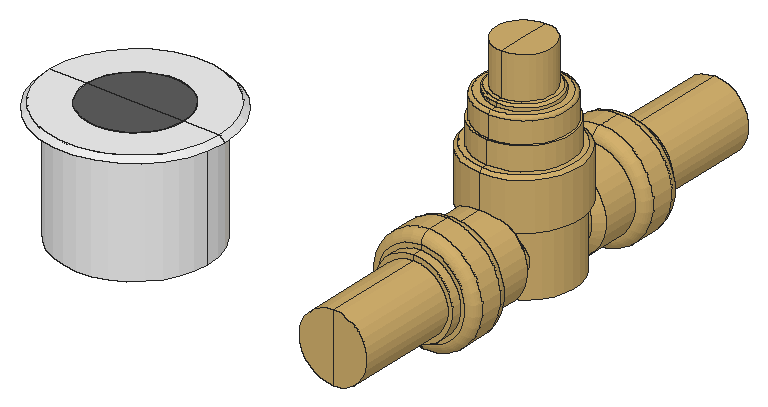
Revit family "PRD_FrankeWS_WshbsnMnlWtrSpplSts_F5EWashbasinFittinggForConcealedMounting_F5EV1013", category Plumbing Fixtures, host Face, Revit 2018
Family settings
  Host = Face
  Round Connector Dimension = Use Diameter
  Part Type = Normal
  OmniClass Number = 23.45.05.14.99
  OmniClass Title = Other Sanitary Washing Plumbing Fixtures
  Cut with Voids When Loaded = Yes
  Shared = No
  Room Calculation Point = No
Parameters (values of type "F5EV1013")
  WarrantyStartDate [instance] = "1900-12-31T23:59:59"
  WarrantyGuarantorParts = "n/a"
  WarrantyGuarantorLabor = "n/a"
  WarrantyDurationUnit = "year"
  WarrantyDurationParts = "n/a"
  WarrantyDurationLabor = "n/a"
  WarrantyDescription = "n/a"
  Voltage = 12 V
  ValveVerticalOffset [instance] = 150 mm
  ValveOffsetFromWall [instance] = 100 mm
  ValveMaterial = PRD_AR_ChromatedBrass_HighPolished
  TypeOfTap = "In-wall tap"
  TypeOfSensor = "Opto-electronic sensor"
  TypeOfFlushingFitting = "n/a"
  TailorMade = "No"
  Status = "New"
  Reference = "n/a"
  ProductCode = "208.0630.462"
  Version = "1"
  Uniclass2015Version = "Products v1.17"
  Uniclass2015Title = "Washbasin manual water supply sets"
  Uniclass2015Code = "Pr_40_20_87_96"
  URL = "www.kwc.com"
  TypeOfOperation = "Sensor operation"
  TypeOfMounting = "Concealed mounting"
  TypeOfMixing = "No mixing"
  ThermalDisinfection = "No"
  TagNumber [instance] = "n/a"
  SustainabilityPerformance = "n/a"
  SoundInsulation = "No"
  Size = "n/a"
  Shape = "n/a"
  SerialNumber [instance] = "n/a"
  Revision = "n/a"
  ReplacementCost = "n/a"
  ProtectiveShutdown = "Yes"
  ProductInformation = "https://pim.kwc.com/product/2030062315/attachment/datasheet?locale=en"
  PowerSupplyConnection = "6,75 / 12 V DC / A3000 open"
  PowerFactor = 1
  NominalWidth = 0 mm
  NominalLength = 0 mm
  NominalHeight = 0 mm
  NominalDepth = 0 mm
  NetWeight = 0.30 kg
  Name = "F5E Washbasin fitting for concealed mounting F5EV1013"
  NBSTypeID = "n/a"
  NBSReference = "45-35-70/371"
  NBSOfficeMasterTag = "n/a"
  NBSNote = "n/a"
  NBSDescription = "Water supply fittings for wash basins and troughs"
  NBSCertification = "n/a"
  ModelReference = "F5EV1013"
  ModelNumber = "2030062315"
  Model = ModelReference  # "F5EV1013"
  MinimumFlushingFlow = "n/a"
  MinimumFlushWaterVolume = "n/a"
  MinimumFlowPressure = "1.00 bar"
  MaximumFlushingFlow = "n/a"
  MaximumFlushWaterVolume = "n/a"
  MaximumFlowPressure = "n/a"
  MaterialFitting = "Synthetic"
  Material = "Brass"
  ManufacturerURL = "www.kwc.com"
  ManufacturerName = "KWC Group AG"  # constant formula
  Manufacturer = ManufacturerName  # "KWC Group AG"
  IntegralAccessories = "Battery compartment including battery or power supply unit with extension cable must be ordered separately."
  InstallationDate [instance] = "1900-12-31T23:59:59"
  InletSize = "DN 15"
  IfcExportType = "USERDEFINED"
  IfcExportAs = "IfcSanitaryTerminalType"
  HygieneFlushing = "Yes"
  GrossWeight = 0.32 kg
  Grade = "n/a"
  FunctionalPrinciple = "Electronic self-closing"
  Finish = "Polished chrome"
  Features = "Opto-electronic control, activation on hand reflection. For connection to pre-mixed hot water or cold water."
  ExpectedLife = "n/a"
  DurationUnit = "year"
  DiameterNominal = 15.000 mm
  Description = "F5E Washbasin fitting DN 15 for concealed mounting. Opto-electronic control, activation on hand reflection. For connection to pre-mixed hot water or cold water. With round sensor (diameter 55 mm), with integrated control electronics and deactivation of cleaning, high-polished chrome-plated brass, to be screwed in from rear, with anti-twist protection, solenoid valve with screw fixings G 1/2 B, extension cable for solenoid valve and connection cable for power supply, each 5 m long. Activated water hygiene flushing 24 hours after last activation and saving of statistical data. With option for parameterization and communication via optional, bidirectional remote control. Optional battery operation with 6 V lithium battery (CR-P2) per fitting or separate power supply via power supply unit 6.75 V/12 V DC or AQUA 3000 open system accessories. Battery compartment including battery or power supply unit with extension cable must be ordered separately."
  Depressurised = "No"
  DefaultAutomaticHygieneFlushing = "24h after the last activity"
  Default Elevation = 850 mm
  CreatedOn = "08/2021"  # constant formula
  Constituents = "n/a"
  Color = "n/a"
  CodePerformance = "n/a"
  Category = "Pr_40_20_87_96, Washbasin manual water supply sets"
  BarCode [instance] = "n/a"
  BIMObjectName = "PRD_AR_WashbasinManualWaterSupplySets_F5EWashbasinFittinggForConcealedMounting_F5EV1013"
  Author = "Archispace"  # constant formula
  AssetType = "Fixed"
  AssetIdentifier [instance] = "n/a"
  ApparentLoad = 0 VA
  AccessibilityPerformance = "n/a"
Reference planes
  plane 1 "Center (Front/Back)": y = 0
  plane 2: z = 0
  plane 3 "Center (Left/Right)": x = 0
  plane 4: z = -100
  plane 5: y = 150
Forms (mm)
  Revolve 1, solid, material "PRD_AR_ChromatedBrass_HighPolished" <- "ValveMaterial", detail levels fine
    sketch origin (0, 0, 0) x (1, 0, 0) y (0, 0, 1)
      loop
        line (-26.2, 1.5) -> (-27.7, 0) -> (-22.5, 0) -> (-22.5, -35.5) -> (0, -35.5) -> (0, 0.2) -> (-15, 0.2) -> (-15, 1.5) -> (-26.2, 1.5)
      axis (0, 1.5) -> (0, -35.5)
    angle from 0 to 360
  Revolve 2, solid, material "PRD_AR_Black", detail levels fine
    sketch origin (0, 0, 0) x (1, 0, 0) y (0, 0, 1)
      loop
        line (-15, 1.5) -> (-15, 0.2) -> (0, 0.2) -> (0, 1.5) -> (-15, 1.5)
      axis (0, 1.5) -> (0, 0.2)
    angle from 0 to 360
  Extrusion 3, void
    sketch origin (0, 104.123, 50) x (0, 1, 0) y (-1, 0, 0)
      loop
        circle (-104.123, 0) r 22.5
    from -85.5 to -50
  Revolve 4, solid, material "PRD_AR_ChromatedBrass_HighPolished" <- "ValveMaterial", detail levels coarse+medium
    sketch origin (0, 0, 0) x (1, 0, 0) y (0, 0, 1)
      loop
        line (-27.7, 1.5) -> (-27.7, 0) -> (-22.5, 0) -> (-22.5, -35.5) -> (0, -35.5) -> (0, 1.5) -> (-27.7, 1.5)
      axis (0, 1.5) -> (0, -35.5)
    angle from 0 to 360
  Revolve 5, void
    sketch origin (0, 0, 0) x (0, 1, 0) y (0, 0, 1)
      loop
        line (167, -46.451) -> (150, -46.451) -> (150, -110.531) -> (167, -110.531) -> (167, -46.451)
      axis (150, -46.451) -> (150, -110.531)
    angle from 0 to 360
  Revolve 6, void
    sketch origin (0, 0, 0) x (0, 1, 0) y (0, 0, 1)
      loop
        line (223.5, -100) -> (223.5, -83.5) -> (76.5, -83.5) -> (76.5, -100) -> (223.5, -100)
      axis (223.5, -100) -> (76.5, -100)
    angle from 0 to 360
Dimensions and locks
  "ValveOffsetFromWall": level to plane 4
  "ValveVerticalOffset": plane 1 "Center (Front/Back)" to plane 5
  locked: Revolve 5 sketch curve to plane 5 at 17
  locked: plane 4 to Revolve 5 sketch curve at 10.531
  locked: Revolve 5 sketch curve to plane 4 at 53.549
  locked: Revolve 6 sketch curve to plane 4 at 16.5
  locked: plane 5 to Revolve 6 sketch curve at 73.5
  locked: Revolve 6 sketch curve to plane 5 at 73.5
  aligned and locked: plane 2 to host face
  aligned and locked: level to host face
  aligned and locked: plane 3 "Center (Left/Right)" to nested 1
  aligned and locked: plane 4 to nested 1
  aligned and locked: nested 1 to plane 5
  aligned and locked: Revolve 5 sketch curve to plane 5
  aligned and locked: plane 5 to Revolve 5 sketch curve
  aligned and locked: Revolve 6 sketch curve to plane 4  (x2)
Automatic sketch dimensions
  host sketch curve to host sketch curve = 567.626 mm
  host sketch curve to host sketch curve = 520.913 mm
  Revolve 1 sketch curve to level = 0 mm
  Revolve 1 sketch curve to plane 3 "Center (Left/Right)" = 0 mm  (x2)
  level to Revolve 1 sketch curve = 1.5 mm
  Revolve 1 sketch curve to plane 3 "Center (Left/Right)" = 15 mm
  Revolve 1 sketch curve to Revolve 1 sketch curve = 7.5 mm
  Revolve 1 sketch curve to Revolve 1 sketch curve = 3.7 mm
  Revolve 1 sketch curve to Revolve 1 sketch curve = 1.5 mm
  Revolve 1 sketch curve to level = 35.5 mm
  level to Revolve 1 sketch curve = 0.2 mm
  Revolve 1 sketch curve to Revolve 1 sketch curve = 9.459 mm
  Revolve 1 sketch curve to Revolve 1 sketch curve = 6.841 mm
  Revolve 2 sketch curve to plane 3 "Center (Left/Right)" = 0 mm  (x2)
  level to Revolve 2 sketch curve = 1.5 mm
  Revolve 2 sketch curve to Revolve 2 sketch curve = 15 mm
  level to Revolve 2 sketch curve = 0.2 mm
  Revolve 2 sketch curve to Revolve 2 sketch curve = 2.158 mm
  Revolve 2 sketch curve to Revolve 2 sketch curve = 1.828 mm
  plane 1 "Center (Front/Back)" to Extrusion 3 sketch curve = 0 mm
  Extrusion 3 sketch curve to plane 3 "Center (Left/Right)" = 0 mm
  Revolve 4 sketch curve to level = 0 mm
  Revolve 4 sketch curve to plane 3 "Center (Left/Right)" = 0 mm  (x2)
  Revolve 4 sketch curve to plane 3 "Center (Left/Right)" = 22.5 mm
  level to Revolve 4 sketch curve = 1.5 mm
  Revolve 4 sketch curve to Revolve 4 sketch curve = 5.2 mm
  Revolve 4 sketch curve to level = 35.5 mm
  Revolve 4 sketch curve to Revolve 4 sketch curve = 8.159 mm
  Revolve 4 sketch curve to Revolve 4 sketch curve = 6.841 mm
  Revolve 5 sketch curve to Revolve 5 sketch curve = 23.766 mm
  Revolve 5 sketch curve to Revolve 5 sketch curve = 20 mm
  Revolve 6 sketch curve to Revolve 6 sketch curve = 10 mm
  Revolve 6 sketch curve to plane 1 "Center (Front/Back)" = 6.5 mm
  radius of Extrusion 3 sketch curve = 22.5 mm
Nested families
  nested 1: "Valve" at (0, 150, -100), type "Valve"
Connectors
  piping at (0, 223.5, -100), diameter 15, driven by "DiameterNominal", driven by "InletSize"
    settings: on nested 1, index 1, connector inside diameter 609.600 mm, connector length 0 mm, flow factor 0, pipe flow 0.0 L/s, pressure drop 0.0 Pa, fitting loss kfactor 0, connector angle 0.00°, fixture units 0, engagement length 0 mm, angle of deflection 0.00°, flow configuration 0, flow direction 1, fitting loss method 0, system type 7, joint type 0, gender type 0, connector reference index -1, connector utility 0, adjustable connector no, is connector primary yes, connector description "DN 15"
  electrical at (0, 0, -35.5), driven by "Voltage", driven by "PowerFactor", driven by "ApparentLoad"
    settings: on host face, index 2, voltage 12 V, apparent load 0 VA, apparent load phase1 0 VA, apparent load phase2 0 VA, apparent load phase3 0 VA, power factor 1, load classification "Other", number of poles 1, system type 30, power factor state 1, is connector primary yes, connector utility no, sub classification motor no, connector description ""
Definition of nested family "Valve"
  Parameters (values of type "Family1")
    Material = none
  Reference planes
    plane 1 "Center (Front/Back)": y = 0
    plane 2: z = 0
    plane 3 "Center (Left/Right)": x = 0
    plane 4: z = 0
  Forms (mm)
    Revolve 1, solid, material <- "Material", detail levels fine
      sketch origin (0, 0, 0) x (0, 0, 1) y (0, 1, 0)
        loop
          line (53.549, 0) -> (-10.531, 0) -> (-10.531, -15.425) -> (8.995, -15.425) -> (8.995, -17) -> (23.5, -17) -> (24.5, -16) -> (24.5, -14.3) -> (31.5, -14.3) -> (31.5, -13.5) -> (38, -13.5)
          arc (38, -13.5) -> (38.707, -13.207) -> (39, -12.5) r 1
          line (39, -12.5) -> (39, -10.5) -> (39.917, -10.5) -> (40.614, -9.915) -> (40.614, -8.543) -> (53.549, -8.543) -> (53.549, 0)
        axis (-10.531, 0) -> (53.549, 0)
      angle from 0 to 360
    Revolve 2, solid, material <- "Material", detail levels fine
      sketch origin (0, 0, 0) x (0, 0, 1) y (0, 1, 0)
        loop
          line (-13.22, 26.246) -> (-13.22, 15.425) -> (-10.531, 12.736) -> (-10.531, -12.736) -> (-13.22, -15.425) -> (-13.22, -26.246)
          arc (-13.22, -26.246) -> (-15.521, -27.199) -> (-16.474, -29.5) r 3.254
          line (-16.474, -29.5) -> (-16.474, -36.5)
          arc (-16.474, -36.5) -> (-15.596, -38.621) -> (-13.474, -39.5) r 3
          line (-13.474, -39.5) -> (-12, -39.5) -> (-12, -42.5) -> (-10.5, -42.5) -> (-10.5, -73.5) -> (0, -73.5) -> (0, 73.5) -> (-10.5, 73.5) -> (-10.5, 42.5) -> (-12, 42.5) -> (-12, 39.5) -> (-13.474, 39.5)
          arc (-13.474, 39.5) -> (-15.596, 38.621) -> (-16.474, 36.5) r 3
          line (-16.474, 36.5) -> (-16.474, 29.5)
          arc (-16.474, 29.5) -> (-15.521, 27.199) -> (-13.22, 26.246) r 3.254
        axis (0, -73.5) -> (0, 73.5)
      angle from 0 to 360
    Revolve 3, solid, material <- "Material", detail levels coarse+medium
      sketch origin (0, 0, 0) x (0, 0, 1) y (0, 1, 0)
        loop
          line (0, 73.5) -> (-16.5, 73.5) -> (-16.5, -73.5) -> (0, -73.5) -> (0, 73.5)
        axis (0, 73.5) -> (0, -73.5)
      angle from 0 to 360
    Revolve 4, solid, material <- "Material", detail levels coarse+medium
      sketch origin (0, 0, 0) x (0, 0, 1) y (0, 1, 0)
        loop
          line (-10.531, 0) -> (-10.531, -17) -> (53.549, -17) -> (53.549, 0) -> (-10.531, 0)
        axis (-10.531, 0) -> (53.549, 0)
      angle from 0 to 360
  Cuts and joins
    joined: Revolve 1, Revolve 2
    joined: Revolve 3, Revolve 4
  Dimensions and locks
    aligned and locked: level to plane 2
